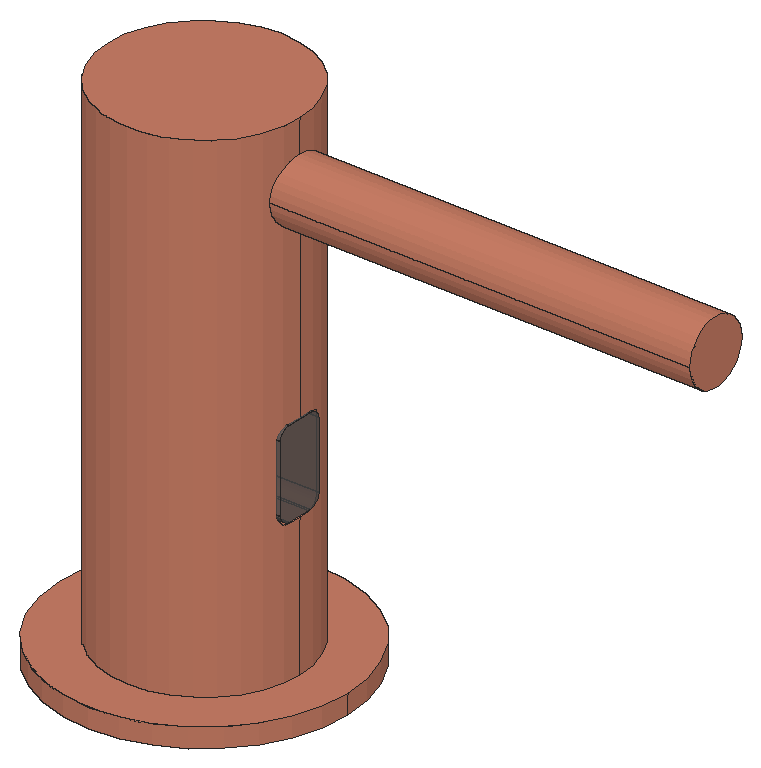
Revit family "TSL.420", category Generic Models, host Face, Revit 2018
Family settings
  Host = Face
  Can host rebar = No
  Round Connector Dimension = Use Diameter
  Part Type = Normal
  OmniClass Number = 23.45.55.14
  OmniClass Title = Single Faucets
  Cut with Voids When Loaded = No
  Shared = No
  Room Calculation Point = No
Parameters (values of type "TSL-947_copper")
  material test = none
  finish = Brushed copper finish
  _distributed by = ""
  _current revision = 1
  _created by = CreatedBy  # "www.thesplashlab.com"
  _authorized by = ""
  _BIMspec_GUID = 0
  Waste Connection = no
  WarrantyStartDate [instance] = ""
  WarrantyGuarantorParts = "email: technical@thesplashlab.com"  # constant formula
  WarrantyGuarantorLabor = ""
  WarrantyDurationUnit = "months"
  WarrantyDurationParts = "12"
  WarrantyDescription = "2 years from date of purchase"  # constant formula
  Version = ""
  Vent Connection = no
  Uniclass2 = "Pr_40_30_78_16"  # constant formula
  URL = "www.thesplashlab.com"
  TypeName = "TSL-420"
  Type Comments = "The Soap Dispenser is made from AISI 304 type stainless steel in a brushed satin finish\r\n"  # constant formula
  TagNumber = ""
  Size = ""
  Shape = ""
  SerialNumber [instance] = ""
  ReplacementCost = ""
  ReferencedStandard = ""
  ProductionYear = ""
  Product Specification Link = "www.thesplashlab.com"
  Product Page Link = "www.thesplashlab.com"
  Product O&M Link = "www.thesplashlab.com"
  Product Documentation Link = "www.thesplashlab.com"
  NBSTypeID = ""
  NBSReference = Uniclass2  # "Pr_40_30_78_16"
  NBSObjectName = "Washroom_Accessories-TSL-420_Soap_Dispenser-THESPLASHLAB-Deck_Mounted"  # constant formula
  NBSNote = ""
  NBS Specfication = ""
  Mtrl_distributed by = ""
  Mtrl_current revision = 0
  Mtrl_created by = ""
  Mtrl_bimspec_guid = 0
  Mtrl_authorized by = ""
  Mtrl_WarrantyStartDate = ""
  Mtrl_WarrantyGuarantorParts = ""
  Mtrl_WarrantyGuarantorLabor = ""
  Mtrl_WarrantyDurationUnit = ""
  Mtrl_WarrantyDurationParts = 0
  Mtrl_WarrantyDurationLabor = 0
  Mtrl_WarrantyDescription = ""
  Mtrl_Uniclass2 = ""
  Mtrl_TypeName = ""
  Mtrl_TagNumber = 0
  Mtrl_SpareParts = ""
  Mtrl_Size = ""
  Mtrl_Shape = ""
  Mtrl_SerialNumber = 0
  Mtrl_ReplacementCost = 0
  Mtrl_ReferencedStandard = ""
  Mtrl_ProductionYear = ""
  Mtrl_ModelNumber = ""
  Mtrl_Material = "stainless steel"  # constant formula
  Mtrl_Manufacturer = ""
  Mtrl_InstallationDate = ""
  Mtrl_Grade = "316AISI"  # constant formula
  Mtrl_Finish = ""
  Mtrl_Features = ""
  Mtrl_ExpectedLife = 0
  Mtrl_Exidentifier = ""
  Mtrl_DurationUnit = ""
  Mtrl_DocumentationTechnical = ""
  Mtrl_DocumentationMaintenance = ""
  Mtrl_DocumentationLiterature = ""
  Mtrl_DocumentationInstallationGuide = ""
  Mtrl_DocumentationCertificates = ""
  Mtrl_CreatedOn = ""
  Mtrl_CreatedBy = ""
  Mtrl_Constituents = ""
  Mtrl_Color = Color  # ""
  Mtrl_CodePerformance = ""
  Mtrl_ClassificationValue = ""
  Mtrl_ClassificationName = ""
  Mtrl_BarCode = ""
  Mtrl_AssetType = ""
  Mtrl_AssetIdentifier = ""
  Mtrl_AccessibilityPerformance = ""
  ModelNumber = ""
  Model = TypeName  # "TSL-420"
  Material = Finish  # "Brushed copper finish"
  Manufacturer Tel = ""
  Manufacturer Fax = ""
  Manufacturer Address = ""
  Manufacturer = "TheSplashLab"  # constant formula
  Keynote = "N13"
  InstallationDate [instance] = ""
  Grade = Mtrl_Grade  # "316AISI"
  Finish = "Brushed copper finish"
  Features = ""
  Extidentifier = ""
  ExpectedLife = 2
  DurationUnit = "Years"
  DocumentationTechnical = "www.thesplashlab.com"
  DocumentationMaintenance = "www.thesplashlab.com"
  DocumentationLiterature = "www.thesplashlab.com"
  DocumentationInstallationGuide = "www.thesplashlab.com"
  DocumentationCertificates = ""
  Description = ""
  Default Elevation = 0.0 mm
  CreatedOn = "'october 2016'"
  CreatedBy = "www.thesplashlab.com"
  Constituents = ""
  Color = ""
  CodePerformance = ""
  ClassificationValue = ""
  ClassificationName = ""
  BarCode [instance] = ""
  AssetType = "fixed"
  AssetIdentifier [instance] = ""
  Assembly Code = "E2010"
  AccessibilityPerformance = ""
Types (5, lengths in mm): name | finish | TypeName | Model | Material | Finish | Assembly Code
  TSL-947_steel | Brushed stainless steel finish | "TSL-410" | "TSL-410" | "Brushed stainless steel finish" | "Brushed stainless steel finish" | 0.0
  TSL-947_copper | Brushed copper finish | "TSL-420" | "TSL-420" | "Brushed copper finish" | "Brushed copper finish" | "E2010"
  TSL-947_black | Brushed black finish | "TSL-947BK" | "TSL-947BK" | "Brushed black finish" | "Brushed black finish" | "E2010"
  TSL-947_bronze | Brushed bronze finish | "TSL-947BZ" | "TSL-947BZ" | "Brushed bronze finish" | "Brushed bronze finish" | "E2010"
  TSL-947_brass | Brushed brass finish | "TSL-947BR" | "TSL-947BR" | "Brushed brass finish" | "Brushed brass finish" | "E2010"
Reference planes
  plane 1 "Center (Front/Back)": y = 0
  plane 2: z = 0
  plane 3 "Center (Left/Right)": x = 0
Forms (mm)
  Extrusion 1, solid, material "Brushed copper finish" <- "finish"
    sketch origin (0, 0, 0) x (1, 0, 0) y (0, 1, 0)
      loop
        circle (0, 0) r 22.5
    from 0 to 3
  Extrusion 2, solid, material "Brushed copper finish" <- "finish"
    sketch origin (0, 0, 3) x (1, 0, 0) y (0, 1, 0)
      loop
        circle (0, 0) r 15
    from 0 to 78
  Sweep 3, solid, material "Brushed copper finish" <- "finish"
    path origin (0, 0, 81) x (1, 0, 0) y (0, 1, 0)
      loop
        line (0, 0) -> (80, 0)
    profile origin (40, 0, 81) x (0, 1, 0) y (0, 0, 1)
      loop
        circle (0, -10) r 5
  Extrusion 4, void
    sketch origin (80, 0, 81) x (0, 0, -1) y (0, -1, 0)
      loop
        arc (54.275, -4) -> (55.509, -3.32) -> (56, -2) r 2.022
        line (56, -2) -> (56, 2)
        arc (56, 2) -> (55.509, 3.32) -> (54.275, 4) r 2.022
        line (54.275, 4) -> (43.725, 4)
        arc (43.725, 4) -> (42.491, 3.32) -> (42, 2) r 2.022
        line (42, 2) -> (42, -2)
        arc (42, -2) -> (42.491, -3.32) -> (43.725, -4) r 2.022
        line (43.725, -4) -> (54.275, -4)
    from 0 to 80
  Extrusion 5, solid, material "Glass-Lovair-Solid_Black"
    sketch origin (0, 0, 81) x (0, 0, 1) y (0, -1, 0)
      loop
        line (-43.74, 3.802) -> (-54.25, 3.802)
        arc (-54.25, 3.802) -> (-55.338, 3.212) -> (-55.799, 2.063) r 1.822
        line (-55.799, 2.063) -> (-55.799, -2.001)
        arc (-55.799, -2.001) -> (-55.362, -3.185) -> (-54.26, -3.802) r 1.823
        line (-54.26, -3.802) -> (-43.75, -3.802)
        arc (-43.75, -3.802) -> (-42.662, -3.212) -> (-42.201, -2.063) r 1.822
        line (-42.201, -2.063) -> (-42.201, 2.001)
        arc (-42.201, 2.001) -> (-42.638, 3.185) -> (-43.74, 3.802) r 1.823
    from 0 to 15
Cuts and joins
  Extrusion 4 cuts Extrusion 2
  joined: Extrusion 2, Sweep 3
Dimensions and locks
  aligned and locked: plane 2 to host face
  aligned and locked: level to host face
